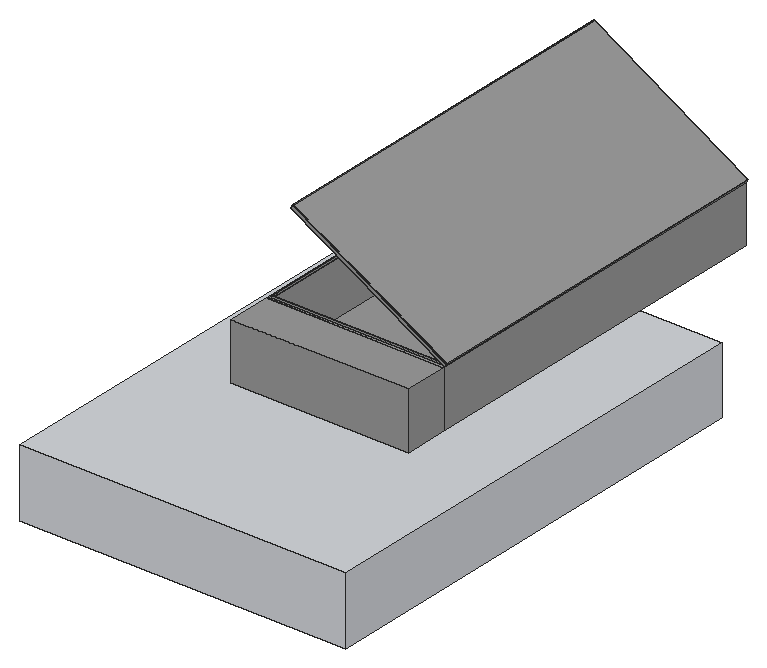
Revit family "Hager-Univers-IP55-D275-H1900-Cl.II-Steel_encl-NoHosted-DE-de", category Equipement électrique, Revit 2020
Family settings
  Hôte = Face
  Configuration du panneau = Deux colonnes, circuits au sein
  Cote de connecteur circulaire = Utiliser le diamètre
  Type d'élément = Tableau de raccordement
  Couper avec des vides une fois chargée = Non
  Partagée = Non
  Point de calcul de pièce = Non
Parameters (values of type "Bodenaufstellung IP55 B800 H1900 T275  - FR13S2")
  Width Control [instance] = if([EF000008 - Breite] > Min Width, [EF000008 - Breite], Min Width)  # 800 mm
  Commentaires du type = [HG000003 - Bereich]  # "Univers"
  Thickness Door [instance] = if([EF009171 - Materialstärke Tür/Deckel] > 3 mm, 3 mm, [EF009171 - Materialstärke Tür/Deckel])  # 1.5 mm
  Seal Frame Offset [instance] = 17 mm  # constant formula
  Plinth Visibility [instance] = [HG000027 - Sockelhöhe] > 0 mm  # yes
  Model = ""
  Min Width [instance] = 100 mm  # constant formula
  Min Height [instance] = 100 mm  # constant formula
  Min Depth [instance] = (2 * [EF009170 - Materialstärke Gehäuse]) + 1 mm  # 4 mm
  Internal Frame Depth [instance] = (Door System Depth * 0.5)  # 9 mm
  Height Control [instance] = if([EF000040 - Höhe] > Min Height, [EF000040 - Höhe], Min Height)  # 1900 mm
  HG000027 - Sockelhöhe = 200 mm
  HG000026 - Stehend auf dem Boden = yes
  HG000024 - Höhe des unteren Teils = 800 mm
  HG000023 - Gehäuse mit doppeltem Querschnitt = no
  HG000016 - 3D-Türsichtbarkeit [instance] = yes
  HG000015 - Sichtbarkeit der Türöffnung [instance] = no
  HG000014 - Tür rechts [instance] = yes
  HG000013 - Tür links [instance] = not([HG000014 - Tür rechts])  # no
  HG000012 - Türschwenkwinkel [instance] = 30.00°
  HG000010 - Asymmetrische Türen = no
  HG000009 - Doppelflügeligen Tür = no
  HG000006 - Unterputz = no
  HG000004 - Herstellerreferenz = "FR13S2"
  HG000003 - Bereich = "Univers"
  HG000002 - Mit tür = yes
  Frame Offset Bottom [instance] = 10 mm  # constant formula
  Frame Offset [instance] = 15 mm  # constant formula
  EF015940 - Deckel mit Überdruckentlastung = no
  EF011959 - Schutzart (NEMA) = ""
  EF009554 - Anzahl der Öffnungen für Flanschplatten = 6
  Fabricant = "Hager"  # constant formula
  EF009212 - Ausführung Deckel = "EV000116 - geschlossen"
  EF009171 - Materialstärke Tür/Deckel = 1.5 mm
  EF009170 - Materialstärke Gehäuse = 1.5 mm
  EF008873 - Nennstrom (In) = 800 A
  EF007800 - Geeignet für Blitzschutz = no
  EF006306 - Mit Schloss = no
  EF006244 - Transparenter Deckel/Tür = no
  EF005474 - Schutzart (IP) = "EV006420 - IP55"
  EF004464 - Art der Tür = "EV002646 - Einzel"
  EF004427 - Anzahl der Module = 396
  EF004293 - Schlagfestigkeit = "EV008784 - IK10"
  EF003532 - Geeignet für Außengebrauch = no
  EF002950 - Breite in Teilungseinheiten = 24
  EF001613 - Funktionserhalt = "EV000494 - ohne"
  EF001596 - Werkstoff des Gehäuses = "EV000179 - Stahl"
  EF001131 - Innentiefe = 275 mm
  EF001088 - Anbaumöglichkeit = yes
  EF000437 - Anzahl der Leitungseinführungen = 6
  EF000339 - Art der Abdeckung = "EV004216 - Tür"
  EF000266 - Anzahl der Reihen = 11
  EF000218 - Einbautiefe = 0 mm
  EF000118 - Mit Montageplatte = no
  EF000116 - RAL-Nummer = "7035"
  EF000049 - Tiefe = 275 mm
  EF000040 - Höhe = 1900 mm
  EF000008 - Breite = 800 mm
  EF000007 - Farbe = "EV000270 - grau"
  EF000003 - Montageart = "EV012274 - Bodenaufstellung"
  Door System Leaf Tolerance [instance] = 1.5 mm  # constant formula
  Door System Depth [instance] = 18 mm  # constant formula
  Door Height [instance] = Height Control - [HG000027 - Sockelhöhe]  # 1700 mm
  Depth Control [instance] = if([EF000049 - Tiefe] > Min Depth, [EF000049 - Tiefe], Min Depth)  # 275 mm
  Default Elevation = 0 mm
  Connector Offset [instance] = Height Control / 2  # 950 mm
  Bottom Top Plate Trim [instance] = 1.5 mm  # constant formula
  Plinth height Ctrl [instance] = if([HG000027 - Sockelhöhe] > 0 mm, [HG000027 - Sockelhöhe], 12 mm)  # 200 mm
Types (5, lengths in mm): name | Width Control | HG000010 - Asymmetrische Türen | HG000009 - Doppelflügeligen Tür | HG000004 - Herstellerreferenz | EF009554 - Anzahl der Öffnungen für Flanschplatten | EF004464 - Art der Tür | EF004427 - Anzahl der Module | EF000437 - Anzahl der Leitungseinführungen | EF000008 - Breite
  Bodenaufstellung IP55 B1050 H1900 T275  - FR14S2 | 1050 | yes | yes | "FR14S2" | 8 | "EV003602 - Doppel" | 528 | 8 | 1050
  Bodenaufstellung IP55 B1300 H1900 T275  - FR15S2 | 1300 | yes | yes | "FR15S2" | 10 | "EV003602 - Doppel" | 660 | 10 | 1300
  Bodenaufstellung IP55 B300 H1900 T275  - FR11S2 | 300 | no | no | "FR11S2" | 2 | "EV002646 - Einzel" | 132 | 2 | 300
  Bodenaufstellung IP55 B550 H1900 T275  - FR12S2 | 550 | no | no | "FR12S2" | 4 | "EV002646 - Einzel" | 264 | 4 | 550
  Bodenaufstellung IP55 B800 H1900 T275  - FR13S2 | 800 | no | no | "FR13S2" | 6 | "EV002646 - Einzel" | 396 | 6 | 800
Reference planes
  plane 1 "Center (Front/Back)": y = 0
  plane 2: z = 0
  plane 3 "Center (Left/Right)": x = 0
  plane 4: z = 275
  plane 5: y = 201.5
  plane 6: y = 1050
  plane 7: y = 200
  plane 8: y = 1900
  plane 9: z = 0
  plane 10: x = -385
  plane 11: x = 385
  plane 12: x = 383.5
  plane 13: x = -383.5
  plane 14: y = 1898.5
  plane 15: x = -383
  plane 16: x = -400
  plane 17: x = 383
  plane 18: x = 400
  plane 19: x = 398.5
  plane 20: x = -398.5
  plane 21: y = 211.5
  plane 22: y = 1900
  plane 23: y = 1883.5
  plane 24: z = 257
  plane 25: z = 1.5
  plane 26: z = 255.5
  plane 27: z = 273.5
Forms (mm)
  Extrusion 1, solid
    sketch origin (0, 0, 0) x (1, 0, 0) y (0, 1, 0)
      loop
        line (-702.964, 1305) -> (-702.964, -811.445) -> (766.763, -811.445) -> (766.763, 1305) -> (-702.964, 1305)
    from 0 to -304.8
  Extrusion 2, solid, material "Hager_Steel_RAL7035_Light_Grey", visible <- "Plinth Visibility", detail levels medium+fine
    sketch origin (0, 0, 0) x (1, 0, 0) y (0, 1, 0)
      loop
        line (-400, 0) -> (400, 0) -> (400, 200) -> (-400, 200) -> (-400, 0)
    from 0 to 257
  Extrusion 3, solid, material "Hager_Steel_RAL7035_Light_Grey", detail levels medium+fine
    sketch origin (0, 0, 0) x (1, 0, 0) y (0, 1, 0)
      loop
        line (-400, 200) -> (400, 200) -> (400, 1900) -> (-400, 1900) -> (-400, 200)
    from 0 to 257
  Extrusion 4, void
    sketch origin (0, 0, 0) x (1, 0, 0) y (0, 1, 0)
      loop
        line (-398.5, 201.5) -> (398.5, 201.5) -> (398.5, 1898.5) -> (-398.5, 1898.5) -> (-398.5, 201.5)
    from 1.5 to 255.5
  Extrusion 5, void
    sketch origin (-381.607, -4572, 257) x (0, -1, 0) y (-1, 0, 0)
      loop
        line (-4783.5, 1.893) -> (-6455.5, 1.893) -> (-6455.5, -765.107) -> (-4783.5, -765.107) -> (-4783.5, 1.893)
    from 0 to 1.5 <- "EF009170 - Materialstärke Gehäuse"
  Extrusion 6, solid, material "Hager_Steel_RAL7035_Light_Grey", detail levels fine
    sketch origin (0, 0, 257) x (1, 0, 0) y (0, 1, 0)
      loop
        line (-383.5, 1883.5) -> (-383.5, 211.5) -> (383.5, 211.5) -> (383.5, 1883.5) -> (-383.5, 1883.5)
      loop
        line (-385, 210) -> (385, 210) -> (385, 1885) -> (-385, 1885) -> (-385, 210)
    from 0 to 9 <- "Internal Frame Depth"
  Extrusion 7, solid, material "Hager_Steel_RAL7035_Light_Grey", detail levels coarse
    sketch origin (0, 0, 0) x (1, 0, 0) y (0, 1, 0)
      loop
        line (-400, 0) -> (400, 0) -> (400, 1900) -> (-400, 1900) -> (-400, 0)
    from 0 to 275
  Sweep 8, void
    path in 3D
      loop
        line (-400, 200, 0) -> (400, 200, 0) -> (400, 200, 257) -> (-400, 200, 257) -> (-400, 200, 0)
    profile origin (-400, 200, 128.5) x (-1, 0, 0) y (0, -1, 0)
      loop
        line (0, 0) -> (0, 1.5) -> (-1.5, 1.5)
        arc (-1.5, 1.5) -> (-1.061, 0.439) -> (0, 0) r 1.5
Cuts and joins
  Extrusion 4, Extrusion 5 cuts Extrusion 3
  Sweep 8 cuts Extrusion 2
Lines and regions (mm)
  Masking region 1
    outline origin (0, 0, 0) x (1, 0, 0) y (0, 0, 1)
      loop
        line (-400, 275) -> (-400, 0) -> (400, 0) -> (400, 275) -> (-400, 275)
  Masking region 2, detail levels medium+fine
    outline origin (0, 140, 0) x (0, 1, 0) y (0, 0, 1)
      loop
        line (60, 0) -> (1760, 0) -> (1760, 257) -> (60, 257) -> (60, 0)
  Masking region 3, not visible, detail levels medium+fine
    outline origin (0, 297.922, 0) x (0, 1, 0) y (0, 0, 1)
      loop
        line (763.578, 0) -> (803.578, 0) -> (803.578, 263.5)
        arc (803.578, 263.5) -> (800.649, 270.571) -> (793.578, 273.5) r 10
        line (793.578, 273.5) -> (763.578, 273.5) -> (763.578, 0)
  Masking region 4, detail levels coarse
    outline origin (0, 0, 180) x (0, 1, 0) y (0, 0, 1)
      loop
        line (0, -180) -> (1900, -180) -> (1900, 95) -> (0, 95) -> (0, -180)
  Masking region 5, visible <- "Plinth Visibility", detail levels medium+fine
    outline origin (0, 52.24, 12.345) x (0, 0, -1) y (0, 1, 0)
      loop
        line (10.845, 147.76) -> (-243.155, 147.76)
        arc (-243.155, 147.76) -> (-243.594, 146.699) -> (-244.655, 146.26) r 1.5
        line (-244.655, 146.26) -> (-244.655, -52.24) -> (12.345, -52.24) -> (12.345, 146.26)
        arc (12.345, 146.26) -> (11.285, 146.699) -> (10.845, 147.76) r 1.5
  Masking region 6, detail levels medium+fine
    outline origin (-381.607, -4572, 257) x (-1, 0, 0) y (0, -1, 0)
      loop
        line (18.393, -6472) -> (18.393, -4772) -> (-781.607, -4772) -> (-781.607, -6472) -> (18.393, -6472)
  Masking region 7, visible <- "Plinth Visibility", detail levels medium+fine
    outline origin (-381.607, -4727, 257) x (-1, 0, 0) y (0, -1, 0)
      loop
        arc (16.893, -4927) -> (17.332, -4925.939) -> (18.393, -4925.5) r 1.5
        line (18.393, -4925.5) -> (18.393, -4727) -> (-781.607, -4727) -> (-781.607, -4925.5)
        arc (-781.607, -4925.5) -> (-780.546, -4925.939) -> (-780.107, -4927) r 1.5
        line (-780.107, -4927) -> (16.893, -4927)
  Masking region 8, detail levels coarse
    outline origin (-442.548, -4669.526, 257) x (-1, 0, 0) y (0, -1, 0)
      loop
        line (-42.548, -6569.526) -> (-42.548, -4669.526) -> (-842.548, -4669.526) -> (-842.548, -6569.526) -> (-42.548, -6569.526)
  sketch lines
    curve 1: line (-400, 200, 257) -> (-400, 200, 0)
    curve 2: line (400, 200, 257) -> (-400, 200, 257)
    curve 3: line (400, 200, 257) -> (400, 200, 0)
    curve 4: line (-400, 200, 0) -> (400, 200, 0)
Dimensions and locks
  "Depth Control": plane 4 to Extrusion 1
  "HG000027 - Sockelhöhe": plane 1 "Center (Front/Back)" to plane 7
  "EF009170 - Materialstärke Gehäuse": plane 5 to plane 7
  locked: connector elem to plane 3 "Center (Left/Right)"
  equal spacing: plane 8, plane 6, plane 7
  locked: connector elem to plane 6
  "EF009170 - Materialstärke Gehäuse": plane 8 to plane 14
  "EF009170 - Materialstärke Gehäuse": plane 10 to plane 13
  "EF009170 - Materialstärke Gehäuse": plane 12 to plane 11
  "Frame Offset": plane 20 to plane 13
  "Frame Offset": plane 12 to plane 19
  "EF009170 - Materialstärke Gehäuse": plane 16 to plane 20
  "EF009170 - Materialstärke Gehäuse": plane 19 to plane 18
  "Seal Frame Offset": plane 16 to plane 15
  "Seal Frame Offset": plane 17 to plane 18
  "Frame Offset Bottom": plane 21 to plane 5
  "Frame Offset": plane 14 to plane 23
  equal spacing: plane 16, plane 3 "Center (Left/Right)", plane 18
  "Width Control": plane 16 to plane 18
  "EF009170 - Materialstärke Gehäuse": plane 4 to plane 27
  "EF009170 - Materialstärke Gehäuse": plane 24 to plane 26
  "EF009170 - Materialstärke Gehäuse": plane 25 to level
  "Door System Depth": plane 4 to plane 24
  "Height Control": plane 1 "Center (Front/Back)" to Extrusion 7 sketch curve
  "Height Control": Masking region 4 sketch curve to plane 1 "Center (Front/Back)"
  "Height Control": plane 1 "Center (Front/Back)" to plane 22
  "Bottom Top Plate Trim": profile plane to Sweep 8 sketch curve
  "Bottom Top Plate Trim": Sweep 8 sketch curve to profile plane
  "Plinth height Ctrl": plane 1 "Center (Front/Back)" to Extrusion 2 sketch curve
  "Plinth height Ctrl": Masking region 5 sketch curve to plane 1 "Center (Front/Back)"
  "Plinth height Ctrl": plane 1 "Center (Front/Back)" to Masking region 7 sketch curve
  "Thickness Door": Extrusion 6 sketch curve to Extrusion 6 sketch curve  (x3)
  "Thickness Door": cut or joined group of Extrusion 3, Extrusion 4, Extrusion 5 to Extrusion 6 sketch curve
  radius of Masking region 3 sketch curve = 10 mm
  "Bottom Top Plate Trim": radius of Masking region 5 sketch curve  (x2)
  "Bottom Top Plate Trim": radius of Sweep 8 sketch curve
  "Bottom Top Plate Trim": radius of Masking region 7 sketch curve  (x2)
  aligned and locked: plane 2 to Extrusion 1
  aligned and locked: level to Extrusion 1
  aligned and locked: level to Masking region 1 sketch curve
  aligned and locked: Masking region 1 sketch curve to plane 18
  aligned and locked: Masking region 1 sketch curve to plane 16
  aligned and locked: plane 7 to Masking region 2 sketch curve
  aligned and locked: level to Masking region 3 sketch curve
  aligned and locked: Masking region 3 sketch curve to plane 27
  aligned and locked: level to Masking region 2 sketch curve
  aligned and locked: plane 1 "Center (Front/Back)" to Extrusion 2 sketch curve
  aligned and locked: Extrusion 3 sketch curve to plane 7
  aligned and locked: plane 16 to Extrusion 3 sketch curve
  aligned and locked: plane 18 to Extrusion 3 sketch curve
  aligned and locked: plane 20 to Extrusion 4 sketch curve
  aligned and locked: plane 19 to Extrusion 4 sketch curve
  aligned and locked: Extrusion 4 sketch curve to plane 5
  aligned and locked: Extrusion 4 to plane 25
  aligned and locked: plane 26 to Extrusion 4
  aligned and locked: plane 24 to Extrusion 3
  aligned and locked: Extrusion 5 sketch curve to plane 21
  aligned and locked: Extrusion 5 sketch curve to plane 13
  aligned and locked: Extrusion 5 sketch curve to plane 12
  aligned and locked: plane 18 to Extrusion 7 sketch curve
  aligned and locked: plane 1 "Center (Front/Back)" to Extrusion 7 sketch curve
  aligned and locked: plane 16 to Extrusion 7 sketch curve
  aligned and locked: plane 4 to Extrusion 7
  aligned and locked: Extrusion 7 to level
  aligned and locked: level to Masking region 4 sketch curve
  aligned and locked: Masking region 4 sketch curve to plane 1 "Center (Front/Back)"
  aligned and locked: Masking region 4 sketch curve to plane 4
  aligned and locked: nested 1 to level
  aligned and locked: nested 1 to plane 16
  aligned and locked: plane 8 to Extrusion 3 sketch curve
  aligned and locked: plane 23 to Extrusion 5 sketch curve
  aligned and locked: plane 14 to Extrusion 4 sketch curve
  aligned and locked: Masking region 2 sketch curve to plane 8
  aligned and locked: level to Masking region 5 sketch curve
  aligned and locked: plane 16 to Extrusion 2 sketch curve
  aligned and locked: plane 18 to Extrusion 2 sketch curve
  aligned and locked: Masking region 5 sketch curve to plane 24
  aligned and locked: Masking region 2 sketch curve to plane 24
  aligned and locked: plane 24 to Extrusion 2
  aligned and locked: profile plane to Sweep 8 sketch curve  (x2)
  aligned and locked: Masking region 6 sketch curve to plane 18
  aligned and locked: Masking region 6 sketch curve to plane 22
  aligned and locked: Masking region 6 sketch curve to plane 16
  aligned and locked: plane 8 to plane 22
  aligned and locked: Masking region 6 sketch curve to plane 7
  aligned and locked: Masking region 7 sketch curve to plane 16
  aligned and locked: Masking region 7 sketch curve to plane 1 "Center (Front/Back)"
  aligned and locked: Masking region 7 sketch curve to plane 18
  aligned and locked: Masking region 8 sketch curve to plane 1 "Center (Front/Back)"
  aligned and locked: Masking region 8 sketch curve to plane 18
  aligned and locked: Masking region 8 sketch curve to plane 22
  aligned and locked: Masking region 8 sketch curve to plane 16
  aligned and locked: nested 2 to plane 7
  aligned and locked: plane 3 "Center (Left/Right)" to nested 2
  aligned and locked: nested 2 to plane 24
  aligned and locked: Extrusion 6 sketch curve to cut or joined group of Extrusion 3, Extrusion 4, Extrusion 5  (x4)
Automatic sketch dimensions
  Extrusion 1 sketch curve to Extrusion 1 sketch curve = 1469.727 mm
  Extrusion 1 sketch curve to Extrusion 1 sketch curve = 2116.445 mm
  Masking region 1 sketch curve to plane 4 = 0 mm
  plane 6 to Masking region 3 sketch curve = 11.5 mm
  Masking region 3 sketch curve to Masking region 3 sketch curve = 30 mm
  Masking region 5 sketch curve to plane 1 "Center (Front/Back)" = 0 mm
Nested families
  nested 1: "Hager_Enclosure_Symbol" at (-400, 0, 0) x (1, 0, 0) z (0, -1, 0), Height <- "Depth Control", Width <- "Width Control", type "Hager_Enclosure_Symbol"
    with Width_Ctrl 800 mm, Width 800 mm, Height_Ctrl 275 mm, Height 275 mm, A_Width_Int 18.047 mm, A_Width 216.562 mm, A_Height_Ctrl 240.625 mm, A_Height 240.625 mm
  nested 2: "EC000058_Univers_Door" at (0, 200, 257) x (1, 0, 0) z (0, 1, 0), Leaf_Tolerance <- "Door System Leaf Tolerance", Angle <- "HG000012 - Türschwenkwinkel", Door_Depth <- "Door System Depth", Door_Left <- "HG000013 - Tür links", Transparent <- "EF006244 - Transparenter Deckel/Tür", Assymetrical <- "HG000010 - Asymmetrische Türen", Width <- "Width Control", Clearance <- "HG000015 - Sichtbarkeit der Türöffnung", Double <- "HG000009 - Doppelflügeligen Tür", 3d_Door <- "HG000016 - 3D-Türsichtbarkeit", Lock_Visibility <- "EF006306 - Mit Schloss", Width_Ctrl <- "Width Control", Door_Right <- "HG000014 - Tür rechts", Door <- "HG000002 - Mit tür", Height <- "Door Height", Thickness <- "Thickness Door", type "EC000058_Univers_Door", detail levels medium+fine
    with min_wh 4 mm, Width_Ctrl 800 mm, Width 800 mm, Transparent no, Thickness 1.5 mm, Seal_Material Hager_Rubber, Lock_Visibility no, Lock_Material Hager_Plastic_RAL9005_Jet_Black, Leaf_Width 800 mm, Leaf_Tolerance_External_Sides 0 mm, Leaf_Tolerance 1.5 mm, Leaf_Offset 0 mm, Leaf_Height 1697 mm, Leaf_2_Width 800 mm, Leaf_2_Offset 400 mm, Leaf_1_Width 800 mm, Leaf_1_Offset 400 mm, Height_Ctrl 1700 mm, Height 1700 mm, Glass_Material Hager_Glass, Double_Clearance_Ctrl no, Double no, Door_Right_Ctrl yes, Door_Right yes, Door_Material Hager_Steel_RAL7035_Light_Grey, Door_Left_Ctrl no, Door_Left no, Door_Depth 18 mm, Door yes, Clearance_Material Hager_Clearance, Clearance_Depth 800 mm, Clearance_Ctrl no, Clearance no, Assymetrical no, Angle 30.00°, 3d_Door yes
Connectors
  electrical at (0, 1050, 0)
    settings: on plane 9, index 1, voltage 0 V, apparent load 0 VA, apparent load phase1 0 VA, apparent load phase2 0 VA, apparent load phase3 0 VA, power factor 1, load classification "Other", number of poles 1, system type 30, power factor state 1, is connector primary yes, connector utility no, sub classification motor no, connector description ""
Definition of nested family "EC000058_Univers_Door"
  Parameters (values of type "EC000058_Univers_Door")
    min_wh [instance] = (2 * Thickness) + 1 mm  # 11 mm
    Width_Ctrl [instance] = 400 mm
    Width [instance] = 500 mm
    Transparent [instance] = yes
    Thickness [instance] = 5 mm
    Seal_Material [instance] = none
    Lock_Visibility [instance] = yes
    Lock_Material [instance] = none
    Leaf_Width [instance] = if((Width_Ctrl - 2 * Leaf_Tolerance_External_Sides) > 0 mm, (Width_Ctrl - 2 * Leaf_Tolerance_External_Sides), min_wh)  # 400 mm
    Leaf_Tolerance_External_Sides [instance] = 0 mm  # constant formula
    Leaf_Tolerance [instance] = 1.5 mm
    Leaf_Offset [instance] = 0 mm  # constant formula
    Leaf_Height [instance] = if((Height_Ctrl - 2 * Leaf_Tolerance) > 0 mm, (Height_Ctrl - 2 * Leaf_Tolerance), min_wh)  # 497 mm
    Leaf_2_Width [instance] = if(and(and(Double, Assymetrical), Door_Left), (Leaf_Width / 3) - (Leaf_Tolerance / 2), if(and(and(Double, Assymetrical), Door_Right), (Leaf_Width / 3) * 2 - (Leaf_Tolerance / 2), if(and(Double, not(Assymetrical)), (Leaf_Width / 2) - Leaf_Tolerance, Leaf_Width)))  # 400 mm
    Leaf_2_Offset [instance] = if(and(Double, Assymetrical), Leaf_2_Width / 2, if(and(Double, not(Assymetrical)), Leaf_Width / 4, Leaf_Width / 2))  # 200 mm
    Leaf_1_Width [instance] = if(and(and(Double, Assymetrical), Door_Right), (Leaf_Width / 3) - (Leaf_Tolerance / 2), if(and(and(Double, Assymetrical), Door_Left), (Width / 3) * 2 - (Leaf_Tolerance / 2), if(and(Double, not(Assymetrical)), (Leaf_Width / 2) - Leaf_Tolerance, Leaf_Width)))  # 400 mm
    Leaf_1_Offset [instance] = if(and(Double, Assymetrical), Leaf_1_Width / 2, if(and(Double, not(Assymetrical)), Leaf_Width / 4, Leaf_Width / 2))  # 200 mm
    Height_Ctrl [instance] = if(Height > min_wh, Height, min_wh)  # 500 mm
    Height [instance] = 500 mm
    Glass_Material [instance] = none
    Double_Clearance_Ctrl [instance] = and(Double, Clearance)  # no
    Double [instance] = no
    Door_Right_Ctrl [instance] = and(or(Door_Right, Double), Door)  # yes
    Door_Right [instance] = yes
    Door_Material [instance] = none
    Door_Left_Ctrl [instance] = and(or(Door_Left, Double), Door)  # no
    Door_Left [instance] = no
    Door_Depth [instance] = 30 mm
    Door [instance] = yes
    Default Elevation = 1219.2 mm
    Clearance_Material [instance] = none
    Clearance_Depth [instance] = if(Leaf_1_Width > Leaf_2_Width, Leaf_1_Width, Leaf_2_Width)  # 400 mm
    Clearance_Ctrl [instance] = and(not(Double), Clearance)  # yes
    Clearance [instance] = yes
    Assymetrical [instance] = yes
    Angle [instance] = 30.00°
    3d_Door [instance] = yes
  Reference planes
    plane 1 "Center (Front/Back)": y = 0
    plane 2 "Bottom": z = 0
    plane 3 "Center (Left/Right)": x = 0
    plane 4: z = 500
    plane 5: x = -200
    plane 6: x = 200
    plane 7: z = 500
    plane 8: x = -200
    plane 9: z = 0
    plane 10: x = 200
    plane 11: y = 0
    plane 12: z = 1.5
    plane 13: x = -600
    plane 14: y = -400
    plane 15: x = 600
    plane 16: x = 0
    plane 17: x = 0
    plane 18: x = -200
    plane 19: x = 200
    plane 20: z = 498.5
  Forms (mm)
    Extrusion 1, solid, material <- "Clearance_Material", visible <- "Double_Clearance_Ctrl"
      sketch origin (1200, 0, 0) x (1, 0, 0) y (0, 0, -1)
        loop
          line (-1800, -498.5) -> (-600, -498.5) -> (-600, 0) -> (-1800, 0) -> (-1800, -498.5)
      from 0 to -400
  Dimensions and locks
    equal spacing: plane 5, plane 3 "Center (Left/Right)", plane 6
    "Width_Ctrl": plane 5 to plane 6
    "Leaf_Offset": plane 5 to plane 8
    "Leaf_Offset": plane 6 to plane 10
    "Leaf_Offset": plane 9 to level
    "Leaf_Offset": plane 4 to plane 7
    "Height_Ctrl": plane 4 to level
    "Leaf_Tolerance": plane 12 to plane 9
    locked: plane 11 to plane 1 "Center (Front/Back)"
    "Leaf_1_Offset": plane 18 to plane 16
    "Leaf_2_Offset": plane 17 to plane 19
    "Leaf_1_Width": plane 13 to plane 8
    "Leaf_2_Width": plane 10 to plane 15
    "Clearance_Depth": plane 14 to plane 1 "Center (Front/Back)"
    "Leaf_Tolerance_External_Sides": plane 8 to plane 18
    "Leaf_Tolerance_External_Sides": plane 19 to plane 10
    "Leaf_Tolerance": plane 7 to plane 20
    aligned and locked: level to plane 2 "Bottom"
    aligned and locked: nested 1 to plane 16
    aligned and locked: nested 2 to plane 17
    aligned and locked: Extrusion 1 to plane 13
    aligned and locked: plane 15 to Extrusion 1
    aligned and locked: Extrusion 1 to plane 14
    aligned and locked: plane 12 to nested 1
    aligned and locked: nested 2 to plane 12
    aligned and locked: Extrusion 1 to plane 11
    aligned and locked: plane 20 to Extrusion 1
    aligned and locked: nested 2 to plane 11
    aligned and locked: nested 1 to plane 11
  Automatic sketch dimensions
    Extrusion 1 sketch curve to level = 0 mm
    plane 5 to Extrusion 1 sketch curve = 400 mm
    plane 6 to Extrusion 1 sketch curve = 400 mm
    Extrusion 1 sketch curve to plane 4 = 1.5 mm
  Nested families
    nested 1: "EC000058_Univers_Door_Leaf" at (0, 0, 1.5), Width <- "Leaf_1_Width", visible <- "Door_Left_Ctrl", Leaf_Height <- "Leaf_Height", Angle <- "Angle", 3d_Door <- "3d_Door", Transparent <- "Transparent", Clearance Material <- "Clearance_Material", Clearance <- "Clearance_Ctrl", Door_Material <- "Door_Material", Glass_Material <- "Glass_Material", Door_Depth <- "Door_Depth", Lock_Material <- "Lock_Material", Seal_Material <- "Seal_Material", Lock_Visibility <- "Lock_Visibility", Thickness <- "Thickness", type "EC000058_Univers_Door_Leaf"
      with Width 400 mm, Transparent_Glass_Offset 30 mm, Transparent_Ctrl yes, Transparent yes, Thickness 5 mm, Standard no, Seal_Material none, Seal_D2 8 mm, Seal_D1 1 mm, Offset_Internal_Frame 10 mm, Lock_Width 20 mm, Lock_Visibility_3d yes, Lock_Visibility yes, Lock_Thickness_3 3 mm, Lock_Thickness_2 1 mm, Lock_Thickness_1 3 mm, Lock_Radius_Offset_2 16 mm, Lock_Radius_Offset_1 15 mm, Lock_Radius_2 5 mm, Lock_Radius 6 mm, Lock_Offset 5 mm, Lock_Material none, Lock_Height 80 mm, Lock_Cover_Top_Offset_2d 17 mm, Lock_Cover_Height -65 mm, Leaf_Height 497 mm, Internal_Seal_Thickness 8 mm, Internal_Seal_Depth_2 4.5 mm, Internal_Frame_Depth 25 mm, Glass_Thickness -1 mm, Glass_Offset -2 mm, Glass_Material none, Door_Material none, Door_Depth 30 mm, Clearance Material none, Clearance yes, Angle_Ctrl 30.00°, Angle 30.00°, 3d_Door yes
    nested 2: "EC000058_Univers_Door_Leaf" at (0, 0, 1.5) x (-1, 0, 0) z (0, 0, 1), Width <- "Leaf_2_Width", visible <- "Door_Right_Ctrl", Leaf_Height <- "Leaf_Height", Angle <- "Angle", 3d_Door <- "3d_Door", Transparent <- "Transparent", Clearance Material <- "Clearance_Material", Clearance <- "Clearance_Ctrl", Door_Material <- "Door_Material", Glass_Material <- "Glass_Material", Door_Depth <- "Door_Depth", Lock_Material <- "Lock_Material", Seal_Material <- "Seal_Material", Lock_Visibility <- "Lock_Visibility", Thickness <- "Thickness", type "EC000058_Univers_Door_Leaf"
      with Width 400 mm, Transparent_Glass_Offset 30 mm, Transparent_Ctrl yes, Transparent yes, Thickness 5 mm, Standard no, Seal_Material none, Seal_D2 8 mm, Seal_D1 1 mm, Offset_Internal_Frame 10 mm, Lock_Width 20 mm, Lock_Visibility_3d yes, Lock_Visibility yes, Lock_Thickness_3 3 mm, Lock_Thickness_2 1 mm, Lock_Thickness_1 3 mm, Lock_Radius_Offset_2 16 mm, Lock_Radius_Offset_1 15 mm, Lock_Radius_2 5 mm, Lock_Radius 6 mm, Lock_Offset 5 mm, Lock_Material none, Lock_Height 80 mm, Lock_Cover_Top_Offset_2d 17 mm, Lock_Cover_Height -65 mm, Leaf_Height 497 mm, Internal_Seal_Thickness 8 mm, Internal_Seal_Depth_2 4.5 mm, Internal_Frame_Depth 25 mm, Glass_Thickness -1 mm, Glass_Offset -2 mm, Glass_Material none, Door_Material none, Door_Depth 30 mm, Clearance Material none, Clearance yes, Angle_Ctrl 30.00°, Angle 30.00°, 3d_Door yes
  Definition of nested family "EC000058_Univers_Door_Leaf"
    Parameters (values of type "EC000058_Univers_Door_Leaf")
      Width [instance] = 2000 mm
      Transparent_Glass_Offset [instance] = 30 mm
      Transparent_Ctrl [instance] = and(Transparent, [3d_Door])  # yes
      Transparent [instance] = yes
      Thickness [instance] = 5 mm
      Standard [instance] = and(not(Transparent), [3d_Door])  # no
      Seal_Material [instance] = none
      Seal_D2 [instance] = 8 mm  # constant formula
      Seal_D1 [instance] = 1 mm  # constant formula
      Offset_Internal_Frame [instance] = 10 mm  # constant formula
      Lock_Width [instance] = 20 mm  # constant formula
      Lock_Visibility_3d [instance] = and(Lock_Visibility, [3d_Door])  # yes
      Lock_Visibility [instance] = yes
      Lock_Thickness_3 [instance] = 3 mm  # constant formula
      Lock_Thickness_2 [instance] = 1 mm  # constant formula
      Lock_Thickness_1 [instance] = 3 mm  # constant formula
      Lock_Radius_Offset_2 [instance] = Lock_Radius_Offset_1 + 1 mm  # 16 mm
      Lock_Radius_Offset_1 [instance] = 15 mm  # constant formula
      Lock_Radius_2 [instance] = Lock_Radius - 1 mm  # 5 mm
      Lock_Radius [instance] = 6 mm  # constant formula
      Lock_Offset [instance] = 5 mm  # constant formula
      Lock_Material [instance] = none
      Lock_Height [instance] = 80 mm  # constant formula
      Lock_Cover_Top_Offset_2d [instance] = Lock_Radius_Offset_2 + 1 mm  # 17 mm
      Lock_Cover_Height [instance] = -(Lock_Height - Lock_Radius_Offset_1)  # -65 mm
      Leaf_Height [instance] = 2720.336 mm
      Internal_Seal_Thickness [instance] = 8 mm  # constant formula
      Internal_Seal_Depth_2 [instance] = 4.5 mm  # constant formula
      Internal_Frame_Depth [instance] = if(Door_Depth - Thickness > 5 mm, Door_Depth - Thickness, 5 mm)  # 25 mm
      Glass_Thickness [instance] = if(Thickness > 15 mm, Glass_Offset + 10 mm, -1 mm)  # -1 mm
      Glass_Offset [instance] = if(Thickness > 15 mm, -(Thickness + 10 mm) / 2, -2 mm)  # -2 mm
      Glass_Material [instance] = none
      Door_Material [instance] = none
      Door_Depth [instance] = 30 mm
      Default Elevation = 0 mm
      Clearance Material [instance] = none
      Clearance [instance] = yes
      Angle_Ctrl [instance] = if(Angle > 180.00°, 180.00°, Angle)  # 90.00°
      Angle [instance] = 90.00°
      3d_Door [instance] = yes
    Reference planes
      plane 1 "Center (Front/Back)": y = 0
      plane 2: z = 0
      plane 3 "Center (Left/Right)": x = 0
      plane 4: y = 2000
      plane 5: x = -1000
      plane 6: x = 1000
      plane 7: x = -3000
      plane 8: z = 2720.336
      plane 9: z = 30
      plane 10: z = 2690.336
      plane 11: x = 970
      plane 12: x = -970
      plane 13: y = -3
      plane 14: z = 107.833
      plane 15: y = -5
      plane 16: y = -223.314
      plane 17: x = -1000
      plane 18: z = 1360.168
      plane 19: y = 30
    Forms (mm)
      Extrusion 1, solid, material <- "Clearance Material", visible <- "Clearance"
        sketch origin (0, 0, 0) x (1, 0, 0) y (0, 0, 1)
          loop
            line (-3000, 2720.336) -> (-3000, 0) -> (1000, 0) -> (1000, 2720.336) -> (-3000, 2720.336)
        from 0 to -2000
      Extrusion 2, solid, material <- "Door_Material", visible <- "Standard", detail levels medium+fine
        sketch origin (-1000, 0, 0) x (0, 1, 0) y (-1, 0, 0)
          loop
            line (0, 30) -> (0, 25) -> (2000, 25) -> (2000, 30) -> (0, 30)
        from 0 to 2720.336 <- "Leaf_Height"
      Extrusion 3, solid, material <- "Door_Material", visible <- "Transparent_Ctrl", detail levels medium+fine
        sketch origin (-1000, 0, 0) x (0, 1, 0) y (-1, 0, 0)
          loop
            line (0, 25) -> (2000, 25) -> (2000, 30) -> (0, 30) -> (0, 25)
        from 0 to 2720.336 <- "Leaf_Height"
      Extrusion 4, void
        sketch origin (-1025, 2000, 0) x (0, 1, 0) y (0, 0, -1)
          loop
            line (-30, -2690.336) -> (-30, -30) -> (-1970, -30) -> (-1970, -2690.336) -> (-30, -2690.336)
        from 0 to 5 <- "Thickness"
      Sweep 5, solid, material <- "Seal_Material", visible <- "Transparent_Ctrl", detail levels fine
        path in 3D
          loop
            line (-1025, 30, 30) -> (-1025, 30, 2690.336) -> (-1025, 1970, 2690.336) -> (-1025, 1970, 30) -> (-1025, 30, 30)
        profile origin (-1025, 1000, 30) x (1, 0, 0) y (0, 0, 1)
          loop
            line (0, 0) -> (0, -8) -> (1, -8) -> (1, 0) -> (0, 0)
      Extrusion 6, solid, material <- "Glass_Material", visible <- "Transparent_Ctrl", detail levels medium+fine
        sketch origin (-1030, 0, 0) x (0, 1, 0) y (0, 0, -1)
          loop
            line (1970, -2690.336) -> (1970, -30) -> (30, -30) -> (30, -2690.336) -> (1970, -2690.336)
        from -2 <- "Glass_Offset" to -1 <- "Glass_Thickness"
      Extrusion 7, solid, material <- "Door_Material", visible <- "3d_Door", detail levels medium+fine
        sketch origin (-1025, 2000, 0) x (0, -1, 0) y (0, 0, -1)
          loop
            line (0, -2720.336) -> (2000, -2720.336) -> (2000, 0) -> (0, 0) -> (0, -2720.336)
          loop
            line (1995, -5) -> (5, -5) -> (5, -2715.336) -> (1995, -2715.336) -> (1995, -5)
        from 0 to 25 <- "Internal_Frame_Depth"
      Sweep 8, solid, material <- "Seal_Material", visible <- "Transparent_Ctrl", detail levels fine
        path in 3D
          loop
            line (-1025, 0, 0) -> (-1025, 2000, 0) -> (-1025, 2000, 2720.336) -> (-1025, 0, 2720.336) -> (-1025, 0, 0)
        profile origin (-1025, 0, 1360.168) x (1, 0, 0) y (0, 1, 0)
          loop
            line (0, 10) -> (2.975, 10)
            arc (2.975, 10) -> (4.053, 10.447) -> (4.5, 11.525) r 1.525
            line (4.5, 11.525) -> (4.5, 16.527)
            arc (4.5, 16.527) -> (4.069, 17.569) -> (3.027, 18) r 1.473
            line (3.027, 18) -> (0, 18) -> (0, 10)
      Extrusion 9, solid, material <- "Lock_Material", visible <- "Lock_Visibility_3d", detail levels fine
        sketch origin (-1030, 0, 0) x (0, 1, 0) y (0, 0, -1)
          loop
            arc (1993.5, -1400.168) -> (1994.561, -1399.729) -> (1995, -1398.668) r 1.5
            line (1995, -1398.668) -> (1995, -1320.168) -> (1975, -1320.168) -> (1975, -1398.668)
            arc (1975, -1398.668) -> (1975.439, -1399.729) -> (1976.5, -1400.168) r 1.5
            line (1976.5, -1400.168) -> (1993.5, -1400.168)
        from 3 <- "Lock_Thickness_1" to 0
      Blend 10, solid, material <- "Lock_Material", visible <- "Lock_Visibility_3d", detail levels fine
        base sketch origin (-1033, 0, 0) x (0, 1, 0) y (0, 0, -1)
          loop
            line (1975, -1320.168) -> (1975, -1398.668)
            arc (1975, -1398.668) -> (1975.439, -1399.729) -> (1976.5, -1400.168) r 1.5
            line (1976.5, -1400.168) -> (1993.5, -1400.168)
            arc (1993.5, -1400.168) -> (1994.561, -1399.729) -> (1995, -1398.668) r 1.5
            line (1995, -1398.668) -> (1995, -1320.168) -> (1975, -1320.168)
        top sketch origin (-1033, 0, 0) x (0, 1, 0) y (0, 0, -1)
          loop
            line (1976, -1320.168) -> (1976, -1398.668)
            arc (1976, -1398.668) -> (1976.146, -1399.022) -> (1976.5, -1399.168) r 0.5
            line (1976.5, -1399.168) -> (1993.5, -1399.168)
            arc (1993.5, -1399.168) -> (1993.854, -1399.022) -> (1994, -1398.668) r 0.5
            line (1994, -1398.668) -> (1994, -1320.168) -> (1976, -1320.168)
        from 0 to 1 <- "Lock_Thickness_2"
      Blend 11, solid, material <- "Lock_Material", visible <- "Lock_Visibility_3d", detail levels fine
        base sketch origin (-1034, 0, 0) x (0, 1, 0) y (0, 0, -1)
          loop
            line (1978, -1320.168) -> (1978, -1384.168)
            arc (1978, -1384.168) -> (1985, -1391.168) -> (1992, -1384.168) r 7
            line (1992, -1384.168) -> (1992, -1320.168) -> (1978, -1320.168)
        top sketch origin (-1034, 0, 0) x (0, 1, 0) y (0, 0, -1)
          loop
            line (1991, -1320.168) -> (1979, -1320.168) -> (1979, -1383.168)
            arc (1979, -1383.168) -> (1985, -1389.168) -> (1991, -1383.168) r 6
            line (1991, -1383.168) -> (1991, -1320.168)
        from 0 to 3 <- "Lock_Thickness_3"
      Extrusion 12, solid, material <- "Lock_Material", visible <- "Lock_Visibility_3d", detail levels fine
        sketch origin (-1030, 1975, 1320.168) x (1, 0, 0) y (0, -1, 0)
          loop
            line (-7, -19) -> (-7, -1) -> (0, -1) -> (0, 0) -> (-8, 0) -> (-8, -20) -> (0, -20) -> (0, -19) -> (-7, -19)
        from 0 to -65 <- "Lock_Cover_Height"
      Extrusion 13, void
        sketch origin (-1038, 1995, 1320.168) x (-1, 0, 0) y (0, 0, -1)
          loop
            line (-5, -65) -> (0, -65) -> (-5, -60) -> (-5, -65)
        from 0 to 20 <- "Lock_Width"
      Extrusion 14, void
        sketch origin (-1038, 1975, 1320.168) x (0, -1, 0) y (0, 0, -1)
          loop
            circle (-10, -15.995) r 6
          loop
            circle (-10, -15.995) r 5
        from 0 to 2
      Extrusion 15, solid, material <- "Lock_Material", visible <- "Lock_Visibility_3d", detail levels medium
        sketch origin (-1030, 0, 0) x (0, 1, 0) y (0, 0, -1)
          loop
            arc (1993.5, -1400.168) -> (1994.561, -1399.729) -> (1995, -1398.668) r 1.5
            line (1995, -1398.668) -> (1995, -1320.168) -> (1975, -1320.168) -> (1975, -1398.668)
            arc (1975, -1398.668) -> (1975.439, -1399.729) -> (1976.5, -1400.168) r 1.5
            line (1976.5, -1400.168) -> (1993.5, -1400.168)
        from 8 to 0
    Cuts and joins
      Extrusion 4 cuts Extrusion 3
      Extrusion 13, Extrusion 14 cuts Extrusion 9
      Extrusion 14 cuts Blend 11
      Extrusion 13, Extrusion 14 cuts Extrusion 12
      joined: Extrusion 9, Blend 10, Blend 11, Extrusion 12
      Extrusion 14 cuts Extrusion 15
    Lines and regions (mm)
      Masking region 1, visible <- "Lock_Visibility", detail levels fine
        outline origin (0, 0, 0) x (0, 1, 0) y (0, 0, 1)
          loop
            line (30, 1320.168) -> (33, 1320.168) -> (33, 1400.168) -> (30, 1400.168) -> (30, 1320.168)
      Masking region 2, visible <- "Lock_Visibility", detail levels fine
        outline origin (0, 3.143, 0) x (0, 1, 0) y (0, 0, 1)
          loop
            line (29.857, 1354.168) -> (30.857, 1354.168) -> (30.857, 1366.168) -> (29.857, 1366.168) -> (29.857, 1354.168)
      Masking region 3, detail levels medium+fine
        outline origin (0, 0, 0) x (0, 1, 0) y (0, 0, 1)
          loop
            line (0, 0) -> (30, 0) -> (30, 2720.336) -> (0, 2720.336) -> (0, 0)
      Masking region 4, detail levels medium+fine
        outline origin (0, 0, 0) x (1, 0, 0) y (0, 0, 1)
          loop
            line (-1000, 2720.336) -> (-1000, 0) -> (1000, 0) -> (1000, 2720.336) -> (-1000, 2720.336)
      Masking region 5, visible <- "Lock_Visibility", detail levels fine
        outline origin (-47.116, 0, 0) x (1, 0, 0) y (0, 0, 1)
          loop
            arc (1024.616, 1399.168) -> (1023.556, 1398.729) -> (1023.116, 1397.668) r 1.5
            line (1023.116, 1397.668) -> (1023.116, 1320.168) -> (1041.116, 1320.168) -> (1041.116, 1397.668)
            arc (1041.116, 1397.668) -> (1040.677, 1398.729) -> (1039.616, 1399.168) r 1.5
            line (1039.616, 1399.168) -> (1024.616, 1399.168)
      Masking region 6, visible <- "Lock_Visibility", detail levels medium+fine
        outline origin (-25, 0, 0) x (1, 0, 0) y (0, 0, 1)
          loop
            arc (1001.5, 1400.168) -> (1000.439, 1399.729) -> (1000, 1398.668) r 1.5
            line (1000, 1398.668) -> (1000, 1320.168) -> (1020, 1320.168) -> (1020, 1398.668)
            arc (1020, 1398.668) -> (1019.561, 1399.729) -> (1018.5, 1400.168) r 1.5
            line (1018.5, 1400.168) -> (1001.5, 1400.168)
      Masking region 7, visible <- "Lock_Visibility", detail levels fine
        outline origin (-73.735, 0, 0) x (1, 0, 0) y (0, 0, 1)
          loop
            line (1051.735, 1382.168) -> (1065.735, 1382.168) -> (1065.735, 1384.168)
            arc (1065.735, 1384.168) -> (1058.735, 1391.168) -> (1051.735, 1384.168) r 7
            line (1051.735, 1384.168) -> (1051.735, 1382.168)
      Masking region 8, visible <- "Lock_Visibility", detail levels fine
        outline origin (-73.735, 0, 0) x (1, 0, 0) y (0, 0, 1)
          loop
            line (1052.735, 1382.168) -> (1064.735, 1382.168) -> (1064.735, 1383.168)
            arc (1064.735, 1383.168) -> (1058.735, 1389.168) -> (1052.735, 1383.168) r 6
            line (1052.735, 1383.168) -> (1052.735, 1382.168)
      Masking region 9, visible <- "Lock_Visibility", detail levels fine
        outline origin (-25, 0, 0) x (1, 0, 0) y (0, 0, 1)
          loop
            line (1020, 1320.168) -> (1020, 1382.168) -> (1000, 1382.168) -> (1000, 1320.168) -> (1020, 1320.168)
      Masking region 10, detail levels medium+fine
        outline origin (0, 0, 0) x (1, 0, 0) y (0, 0, 1)
          loop
            circle (985, 1335.144) r 6
      Masking region 11, detail levels fine
        outline origin (0, 0, 0) x (1, 0, 0) y (0, 0, 1)
          loop
            circle (985, 1335.144) r 5
      Masking region 12, visible <- "Lock_Visibility", detail levels fine
        outline origin (0, 12.767, 0) x (0, 1, 0) y (0, 0, 1)
          loop
            line (20.233, 1320.168) -> (21.233, 1320.168) -> (21.233, 1399.168) -> (20.233, 1400.168) -> (20.233, 1320.168)
      Masking region 13, visible <- "Lock_Visibility", detail levels fine
        outline origin (0, 13.767, -10) x (0, 1, 0) y (0, 0, 1)
          loop
            line (20.233, 1330.168) -> (23.233, 1330.168) -> (23.233, 1399.168) -> (20.233, 1402.168) -> (20.233, 1330.168)
      Masking region 14, visible <- "Lock_Visibility", detail levels fine
        outline origin (0, 12.767, -10) x (0, 1, 0) y (0, 0, 1)
          loop
            line (20.233, 1330.168) -> (25.233, 1330.168) -> (25.233, 1399.305) -> (20.233, 1394.305) -> (20.233, 1330.168)
      Masking region 15, visible <- "Lock_Visibility", detail levels medium
        outline origin (0, 0, 0) x (0, 1, 0) y (0, 0, 1)
          loop
            line (30, 1320.168) -> (38, 1320.168) -> (38, 1400.168) -> (30, 1400.168) -> (30, 1320.168)
      Masking region 16, visible <- "Lock_Visibility", detail levels fine
        outline origin (-1000, 0, 0) x (0, 1, 0) y (-1, 0, 0)
          loop
            line (1975, 30) -> (1995, 30) -> (1995, 38) -> (1975, 38) -> (1975, 30)
          loop
            line (1979, 37) -> (1976, 37) -> (1976, 34) -> (1978, 34) -> (1979, 37)
          loop
            line (1994, 37) -> (1991, 37) -> (1992, 34) -> (1994, 34) -> (1994, 37)
      Masking region 17, visible <- "Lock_Visibility", detail levels medium
        outline origin (-1000, 0, 0) x (0, 1, 0) y (-1, 0, 0)
          loop
            line (1975, 30) -> (1995, 30) -> (1995, 38) -> (1975, 38) -> (1975, 30)
      symbolic lines
        curve 1: line (1000, 0, 0) -> (-3000, 0, 0)
        curve 2: arc (1000, 0, 0) -> (-1000, 2000, 0) -> (-3000, 0, 0) r 2000
        curve 4: line (-1030, 0, 0) -> (-1030, 2000, 0)
      reference lines
        curve 3: line (-1000, 0, 0) -> (-1000, 2000, 0)
      symbolic lines, detail levels medium+fine
        curve 5: line (-1030, 2000, 0) -> (-1025, 2000, 0)
        curve 7: line (-1025, 0, 0) -> (-1030, 0, 0)
        curve 8: line (-1025, 0, 0) -> (-1000, 0, 0)
        curve 9: line (-1000, 0, 0) -> (-1000, 2000, 0)
        curve 10: line (-1000, 2000, 0) -> (-1025, 2000, 0)
      symbolic lines, detail levels fine
        curve 6: line (-1025, 2000, 0) -> (-1025, 0, 0)
      sketch lines
        curve 11: line (-1025, 0, 2720.336) -> (-1025, 0, 0)
        curve 12: line (-1025, 2000, 0) -> (-1025, 0, 0)
        curve 13: line (-1025, 2000, 2720.336) -> (-1025, 2000, 0)
        curve 14: line (-1025, 0, 2720.336) -> (-1025, 2000, 2720.336)
        curve 15: line (-1025, 1970, 30) -> (-1025, 30, 30)
        curve 16: line (-1025, 30, 30) -> (-1025, 30, 2690.336)
        curve 17: line (-1025, 1970, 2690.336) -> (-1025, 1970, 30)
        curve 18: line (-1025, 30, 2690.336) -> (-1025, 1970, 2690.336)
      symbolic lines, visible <- "Transparent", detail levels medium+fine
        curve 19: line (-970, 0, 2690.336) -> (970, 0, 2690.336)
        curve 20: line (-970, 0, 30) -> (-970, 0, 2690.336)
        curve 21: line (970, 0, 30) -> (-970, 0, 30)
        curve 22: line (970, 0, 2690.336) -> (970, 0, 30)
    Dimensions and locks
      "Width": plane 1 "Center (Front/Back)" to plane 4
      equal spacing: plane 5, plane 3 "Center (Left/Right)", plane 6
      "Width": plane 5 to plane 6
      "Width": plane 7 to plane 5
      "Leaf_Height": plane 8 to level
      "Width": curve 5 to curve 3
      "Width": curve 3 to curve 3
      plane 8 to plane 10 = 30 mm
      plane 9 to level = 30 mm
      plane 12 to plane 5 = 30 mm
      plane 6 to plane 11 = 30 mm
      Extrusion 1 to Extrusion 4 sketch curve = 30 mm
      "Transparent_Glass_Offset": curve 3 to Extrusion 4 sketch curve
      "Transparent_Glass_Offset": Extrusion 4 sketch curve to cut or joined group of Extrusion 3, Extrusion 4  (x2)
      cut or joined group of Extrusion 3, Extrusion 4 to Extrusion 6 sketch curve = 30 mm
      "Transparent_Glass_Offset": cut or joined group of Extrusion 3, Extrusion 4 to Extrusion 4 sketch curve
      "Thickness": curve 6 to curve 4
      "Thickness": Extrusion 7 sketch curve to Extrusion 7 sketch curve  (x4)
      "Door_Depth": curve 4 to curve 3
      "Offset_Internal_Frame": profile plane to Sweep 8 sketch curve
      "Internal_Seal_Thickness": Sweep 8 sketch curve to Sweep 8 sketch curve
      "Internal_Seal_Depth_2": profile plane to Sweep 8 sketch curve
      "Seal_D1": profile plane to Sweep 5 sketch curve
      "Seal_D2": profile plane to Sweep 5 sketch curve
      "Thickness": Extrusion 2 sketch curve to Extrusion 2 sketch curve
      equal spacing: Extrusion 9 sketch curve, plane 18, Extrusion 9 sketch curve  (x2)
      equal spacing: Masking region 1 sketch curve, plane 18, Masking region 1 sketch curve
      "Lock_Height": Masking region 1 sketch curve to Masking region 1 sketch curve
      "Lock_Radius": Masking region 2 sketch curve to plane 18 to Masking region 2 sketch curve
      Masking region 2 sketch curve to Masking region 1 = 1 mm
      "Door_Depth": plane 19 to plane 1 "Center (Front/Back)"
      "Lock_Thickness_1": Masking region 1 sketch curve to plane 19
      "Lock_Width": Extrusion 9 sketch curve to Extrusion 9 sketch curve
      "Lock_Height": Extrusion 9 sketch curve to Extrusion 9 sketch curve
      "Lock_Offset": cut or joined group of Extrusion 3, Extrusion 4 to Extrusion 9 sketch curve
      equal spacing: plane 8, plane 18, level
      "Lock_Radius_Offset_1": Blend 11 sketch curve to Blend 10
      locked: Blend 10 to Blend 11 sketch curve at 2  (x2)
      locked: var sketch to Blend 11 sketch curve at 1  (x2)
      "Lock_Radius_Offset_2": Blend 11 sketch curve to Blend 10
      locked: Extrusion 12 sketch curve to Extrusion 12 sketch curve at 1  (x3)
      Masking region 6 sketch curve to Masking region 6 sketch curve = 80 mm
      "Lock_Height": Masking region 6 sketch curve to Masking region 6 sketch curve
      "Lock_Width": Masking region 6 sketch curve to Masking region 6 sketch curve
      locked: Masking region 6 to Masking region 5 sketch curve at 1  (x3)
      locked: Masking region 5 to Masking region 7 sketch curve at 2  (x2)
      "Lock_Radius_Offset_1": Masking region 5 to Masking region 7 sketch curve
      "Lock_Radius_Offset_2": Masking region 5 to Masking region 8 sketch curve
      locked: Masking region 7 to Masking region 8 sketch curve at 1  (x2)
      "Lock_Cover_Top_Offset_2d": Masking region 5 to Masking region 9 sketch curve
      equal spacing: Masking region 9, Masking region 10 sketch curve, Masking region 9
      equal spacing: Masking region 9, Masking region 11 sketch curve, Masking region 9
      Extrusion 15 sketch curve to Extrusion 15 sketch curve = 80 mm
      "Lock_Width": Extrusion 15 sketch curve to Extrusion 15 sketch curve
      "Lock_Height": Extrusion 15 sketch curve to Extrusion 15 sketch curve
      equal spacing: Extrusion 15 sketch curve, plane 18, Extrusion 15 sketch curve
      "Lock_Thickness_3": Masking region 13 sketch curve to Masking region 13 sketch curve
      "Lock_Height": Masking region 12 sketch curve to Masking region 12 sketch curve
      locked: Masking region 13 sketch curve to Masking region 1 at 8
      locked: Masking region 14 sketch curve to Masking region 13 at 1
      locked: Masking region 14 sketch curve to Masking region 1 at 10.863
      "Lock_Height": Masking region 15 sketch curve to Masking region 15 sketch curve
      "Lock_Offset": Extrusion 15 sketch curve to cut or joined group of Extrusion 3, Extrusion 4
      "Lock_Offset": plane 6 to Masking region 6 sketch curve
      radius of Sweep 8 sketch curve = 1.525 mm
      radius of Sweep 8 sketch curve = 1.473 mm
      radius of Extrusion 9 sketch curve = 1.5 mm  (x2)
      "Lock_Radius": radius of Extrusion 14 sketch curve
      "Lock_Radius_2": radius of Extrusion 14 sketch curve
      "Lock_Radius": radius of Masking region 10 sketch curve
      "Lock_Radius_2": radius of Masking region 11 sketch curve
      radius of Extrusion 15 sketch curve = 1.5 mm  (x2)
      "Angle_Ctrl": angle plane 1 "Center (Front/Back)" to curve 3
      locked: Masking region 12 sketch curve to Masking region 12 sketch curve (angle 45.00°)
      locked: Masking region 13 sketch curve to Masking region 13 sketch curve (angle 45.00°)
      locked: Masking region 14 sketch curve to Masking region 14 sketch curve (angle 45.00°)
      aligned and locked: level to plane 2
      aligned and locked: Extrusion 1 to curve 1
      aligned and locked: plane 6 to Extrusion 1
      aligned and locked: Extrusion 1 to plane 1 "Center (Front/Back)"
      aligned and locked: plane 4 to Extrusion 1
      aligned and locked: plane 8 to Extrusion 1
      aligned and locked: curve 7 to Extrusion 2 sketch curve
      aligned and locked: curve 5 to Extrusion 2 sketch curve
      aligned and locked: curve 7 to Extrusion 3 sketch curve
      aligned and locked: Extrusion 3 sketch curve to curve 4
      aligned and locked: Extrusion 3 sketch curve to curve 6
      aligned and locked: Extrusion 3 sketch curve to curve 5
      aligned and locked: curve 9 to curve 3
      aligned and locked: Extrusion 7 sketch curve to cut or joined group of Extrusion 3, Extrusion 4  (x4)
      aligned and locked: plane 17 to curve 3
      aligned and locked: plane 1 "Center (Front/Back)" to curve 3
      aligned and locked: plane 17 to plane 5
      aligned and locked: Sweep 8 sketch curve to profile plane
      aligned and locked: Sweep 5 sketch curve to profile plane  (x2)
      aligned and locked: Masking region 1 to Masking region 2 sketch curve
      aligned and locked: plane 19 to Masking region 1 sketch curve
      aligned and locked: plane 1 "Center (Front/Back)" to Masking region 3 sketch curve
      aligned and locked: plane 19 to Masking region 3 sketch curve
      aligned and locked: level to Masking region 3 sketch curve
      aligned and locked: Masking region 3 sketch curve to plane 8
      aligned and locked: plane 17 to Masking region 4 sketch curve
      aligned and locked: level to Masking region 4 sketch curve
      aligned and locked: Masking region 4 sketch curve to plane 8
      aligned and locked: plane 12 to curve 20
      aligned and locked: plane 10 to curve 19
      aligned and locked: plane 11 to curve 22
      aligned and locked: curve 21 to plane 9
      aligned and locked: Extrusion 2 sketch curve to cut or joined group of Extrusion 3, Extrusion 4
      aligned and locked: Blend 10 sketch curve to Extrusion 9  (x4)
      aligned and locked: Extrusion 9 to Blend 10 sketch curve
      aligned and locked: Blend 10 to Blend 11 sketch curve
      aligned and locked: Extrusion 12 sketch curve to Blend 11
      aligned and locked: Extrusion 12 sketch curve to Extrusion 9  (x4)
      aligned and locked: Masking region 5 sketch curve to Masking region 6
      aligned and locked: Masking region 9 sketch curve to Masking region 6  (x3)
      aligned and locked: Masking region 12 sketch curve to Masking region 1
      aligned and locked: Masking region 13 sketch curve to Masking region 1
      aligned and locked: Masking region 12 to Masking region 14
      aligned and locked: Masking region 14 sketch curve to Masking region 1
      aligned and locked: Masking region 15 sketch curve to Masking region 14
      aligned and locked: Masking region 13 sketch curve to Masking region 12
      aligned and locked: Masking region 16 sketch curve to cut or joined group of Extrusion 14, Extrusion 15  (x4)
      aligned and locked: Masking region 16 sketch curve to cut or joined group of Extrusion 9, Blend 10, Blend 11, Extrusion 12, Extrusion 13, Extrusion 14  (x6)
      aligned and locked: cut or joined group of Extrusion 9, Blend 10, Blend 11, Extrusion 12, Extrusion 13, Extrusion 14 to Masking region 16 sketch curve
      aligned and locked: Masking region 17 sketch curve to cut or joined group of Extrusion 14, Extrusion 15  (x3)
      aligned and locked: Masking region 17 sketch curve to cut or joined group of Extrusion 9, Blend 10, Blend 11, Extrusion 12, Extrusion 13, Extrusion 14
      aligned and locked: Masking region 9 to Masking region 8 sketch curve
      aligned and locked: Masking region 9 to Masking region 7 sketch curve
    Automatic sketch dimensions
      plane 1 "Center (Front/Back)" to curve 2 = 0 mm
      curve 2 to plane 5 = 0 mm
      Extrusion 1 sketch curve to level = 0 mm
      Extrusion 1 sketch curve to plane 7 = 0 mm
      Extrusion 1 sketch curve to plane 6 = 0 mm
      Extrusion 1 sketch curve to plane 8 = 0 mm
      Extrusion 3 to Extrusion 6 sketch curve = 30 mm  (x4)
      Masking region 4 sketch curve to plane 6 = 0 mm
      Blend 10 sketch curve to Extrusion 9 = 1.5 mm
      Blend 10 sketch curve to Extrusion 9 = 1 mm
      Extrusion 13 sketch curve to Extrusion 12 = 0 mm  (x2)
      Extrusion 12 to Extrusion 13 sketch curve = 3 mm
      Extrusion 13 sketch curve to Extrusion 12 = 5 mm
      Extrusion 14 sketch curve to Extrusion 14 sketch curve = 0 mm  (x2)
      Extrusion 14 sketch curve to Extrusion 12 = 10 mm
      Extrusion 14 sketch curve to Extrusion 12 = 15.995 mm
      Masking region 5 sketch curve to Masking region 5 sketch curve = 1.5 mm  (x2)
      Masking region 10 sketch curve to plane 18 = 25.024 mm
      Masking region 11 sketch curve to plane 18 = 25.024 mm
      plane 19 to Masking region 14 sketch curve = 3 mm
      Masking region 16 sketch curve to Masking region 16 sketch curve = 3 mm
      curve 4 to curve 3 = 0 mm
      Blend 10 to Blend 11 sketch curve = 0 mm
      Masking region 6 sketch curve to Masking region 6 sketch curve = 1.5 mm  (x2)
      Masking region 6 sketch curve to plane 18 = 40 mm
      plane 19 to Masking region 12 sketch curve = 3 mm
      Masking region 12 sketch curve to Masking region 12 sketch curve = 1 mm
      Masking region 15 sketch curve to plane 19 = 0 mm
      Masking region 15 sketch curve to plane 18 = 40 mm
      radius of Blend 10 sketch curve to Extrusion 9 = 1 mm
Definition of nested family "Hager_Enclosure_Symbol"
  Parameters (values of type "Hager_Enclosure_Symbol")
    Width_Ctrl [instance] = if(Width > 1 mm, Width, 1 mm)  # 102.27 mm
    Width [instance] = 102.27 mm
    Height_Ctrl [instance] = if(Height > 1 mm, Height, 1 mm)  # 66.5 mm
    A_Width_Int [instance] = if(A_Width / 12 > 2 mm, A_Width / 12, 2 mm)  # 4.364 mm
    A_Width [instance] = if(A_Height_Ctrl * 0.9 > 2 mm, A_Height_Ctrl * 0.9, 2 mm)  # 52.369 mm
    A_Height_Ctrl [instance] = if(A_Height > 2 mm, A_Height, 2 mm)  # 58.188 mm
    Height [instance] = 66.5 mm
    A_Height [instance] = Height - (Height / 8)  # 58.188 mm
  Reference planes
    plane 1 "Centre (avant/arrière)": y = 0
    plane 2: z = 0
    plane 3 "Centre (gauche/droite)": x = 0
    plane 4: x = 52.369
    plane 5: y = 33.042
    plane 6: y = 41.77
    plane 7: y = 66.5
    plane 8: x = 26.184
    plane 9: y = 37.406
    plane 10: x = 102.27
    plane 11: y = 66.5
    plane 12: y = 8.313
  Lines and regions (mm)
    Filled region 1, type "Solid_Black", in view "Niveau de réf."
      outline origin (0, 0, 0) x (1, 0, 0) y (0, 1, 0)
        loop
          line (52.369, 66.5) -> (33.188, 54.536) -> (45.365, 45.006) -> (52.369, 66.5)
    Filled region 2, type "Solid_Black", in view "Niveau de réf."
      outline origin (0, 0, 0) x (1, 0, 0) y (0, 1, 0)
        loop
          line (0, 0) -> (102.27, 0) -> (102.27, 66.5) -> (0, 0)
    detail lines, in view "Niveau de réf."
      curve 1: line (0, 8.313, 0) -> (26.184, 41.77, 0)
      curve 2: line (26.184, 41.77, 0) -> (26.184, 33.042, 0)
      curve 3: line (26.184, 33.042, 0) -> (52.369, 66.5, 0)
  Dimensions and locks
    "A_Width": plane 3 "Centre (gauche/droite)" to plane 4
    equal spacing: plane 3 "Centre (gauche/droite)", plane 8, plane 4
    equal spacing: plane 6, plane 9, plane 5
    equal spacing: curve 3, Filled region 1 sketch curve, Filled region 1 sketch curve
    "Height_Ctrl": plane 1 "Centre (avant/arrière)" to plane 11
    "A_Height_Ctrl": plane 11 to plane 12
    equal spacing: plane 11, plane 9, plane 12
    "A_Width_Int": plane 6 to plane 9
    "Width_Ctrl": plane 3 "Centre (gauche/droite)" to plane 10
    angle Filled region 1 sketch curve to curve 3 = 20.00°
    angle curve 3 to Filled region 1 sketch curve = 20.00°
    locked: curve 3 to Filled region 1 sketch curve (angle 90.00°)
    aligned and locked: plane 10 to Filled region 2
    aligned and locked: plane 11 to Filled region 2 sketch curve
    aligned and locked: plane 10 to Filled region 2 sketch curve
    aligned and locked: plane 3 "Centre (gauche/droite)" to curve 1
    aligned and locked: plane 12 to curve 1
    aligned and locked: plane 7 to plane 11
  Automatic sketch dimensions
    Filled region 1 sketch curve to plane 4 = 0 mm
    Filled region 1 sketch curve to plane 7 = 0 mm
    plane 1 "Centre (avant/arrière)" to Filled region 2 sketch curve = 0 mm
    Filled region 2 sketch curve to plane 3 "Centre (gauche/droite)" = 0 mm
    curve 2 to plane 6 = 0 mm
    curve 2 to plane 8 = 0 mm
    curve 3 to plane 4 = 0 mm
    curve 2 to plane 5 = 0 mm
    curve 3 to plane 7 = 0 mm
